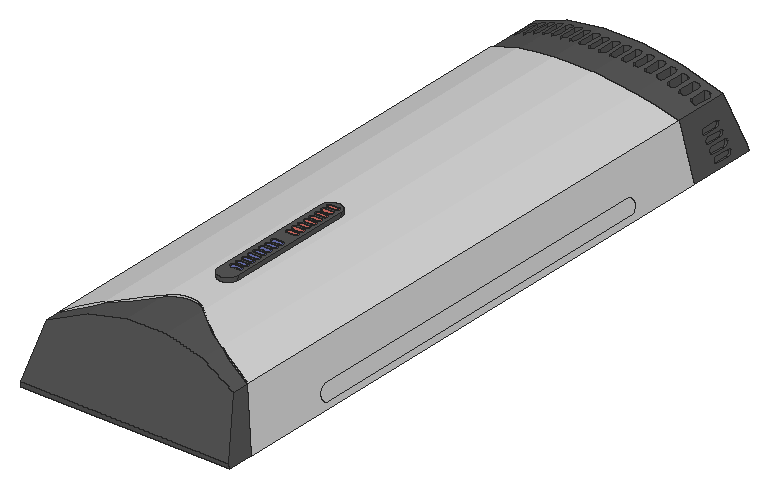
Revit family "Automatic_Hand_Dryer-Bobrick-Puredri-B-9100_Series", category Electrical Fixtures, host Face, Revit 2019
Family settings
  Host = Face
  Maintain Annotation Orientation = No
  Round Connector Dimension = Use Diameter
  Part Type = Normal
  OmniClass Number = 23.40.20.21.14
  OmniClass Title = Hand and Hair Dryers
  Cut with Voids When Loaded = No
  Shared = Yes
  Room Calculation Point = No
Parameters (values of type "B-9100")
  Width = 10 1/2"
  Warranty Information = "5-Year Limited Warranty"
  Voltage Power = if([115 Volt Models], 115 V, 240 V)  # 240 V
  Voltage = if([115 Volt Models], "115 Volts", "208-240 Volts")  # "208-240 Volts"
  Universal Voltage = "110V - 240V, 1.7AMP, 50/60Hz, 115 Volts, 0.2 kW."
  URL = "https://www.bobrick.com/"
  Type Comments = ""
  Sanitizing Time = "8 Second"
  Price = "Prices may vary. Please consult Manufacturer Representative for most up-to-date price list."  # constant formula
  Motor Power = "24 Vdc"
  Motor Operation = "40,000 RPM"
  Model = "B-9100"
  Material = "Stainless Steel-Bobrick-Satin Finish"
  Manufacturer = "Bobrick"
  Length = 4"
  Installation Type = "Wall Mounted"
  Height = 32 1/4"
  Finish = Stainless_Steel-Bobrick-Type_304-Satin_Finish
  Energy Consumption = "200 Watts"
  Dry Time = "12 Second"
  Description = "PureDri Automatic Hand Dryer and Air/Hand Sanitizer"
  Default Elevation = 40"
  Creation Date = "12/07/2021"  # constant formula
  Assembly Code = "C1030200"
  ADA Compliant = yes
  208-240 Volt Models = not([115 Volt Models])  # yes
  115 Volt Models = no
Reference planes (in)
  plane 1 "Center (Front/Back)": y = 0
  plane 2: z = 0
  plane 3 "Center (Left/Right)": x = 0
  plane 4: z = 4
  plane 5 "Mount Base": y = -16.125
  plane 6 "Floor": y = -56.125
  plane 7: x = 5.25
  plane 8: x = -5.25
  plane 9: x = 4.25
  plane 10: x = -4.25
  plane 11: y = -2.96706
  plane 12: y = -10.21479
  plane 13: y = -6.59093
  plane 14: y = 16.125
  plane 15: y = -9.375
  plane 16: y = 5.875
  plane 17: y = 7.98228
  plane 18: y = 11.73228
  plane 19: y = 12.9867
  plane 20: y = -15.125
  plane 21: y = -12.05915
  plane 22: x = 4.644
  plane 23: x = -4.644
  plane 24 "1": through (5.21875, 0, 0) normal (0.9789, 0, 0.2041)
Forms (in)
  Extrusion 1, solid, material "Stainless_Steel-Bobrick-Type_304-Satin_Finish" <- "Finish"
    sketch origin (0, 0, 0) x (1, 0, 0) y (0, 0, 1)
      loop
        arc (4.67169, 2.77658) -> (0, 4) -> (-4.67169, 2.77658) r 9.53125
        line (-4.67169, 2.77658) -> (-5.25067, 0) -> (5.25067, 0) -> (4.67169, 2.77658)
    from -13.33315 to 15.125
  Extrusion 2, void
    sketch origin (0, 0.12548, 0) x (0, 1, 0) y (0, 0, 1)
      loop
        line (15.99952, 0.25938) -> (15.99952, 0) -> (16.61756, 0) -> (16.61756, 4.30496) -> (14.55143, 4.30496) -> (15.99952, 0.25938)
      loop
        line (-16.25048, 0.22031) -> (-14.71389, 4.30496) -> (-16.81299, 4.30496) -> (-16.81299, 0) -> (-16.25048, 0) -> (-16.25048, 0.22031)
    from -5.25 to 5.25
  Extrusion 3, solid, material "Black"
    sketch origin (0, 0, 0) x (1, 0, 0) y (0, 0, 1)
      loop
        arc (4.644, 2.75629) -> (0, 3.96875) -> (-4.644, 2.75629) r 9.5
        line (-4.644, 2.75629) -> (-5.21875, 0) -> (5.21875, 0) -> (4.644, 2.75629)
    from -16.25 to 16.25
  Extrusion 4, solid, material "Stainless_Steel-Bobrick-Type_304-Satin_Finish" <- "Finish"
    sketch origin (-5.01592, 13.95682, 1.12578) x (0.204132, 0, 0.978943) y (0, 1, 0)
      loop
        arc (-0.07817, -5.16881) -> (-0.45317, -4.79381) -> (-0.82817, -5.16881) r 0.375
        line (-0.82817, -5.16881) -> (-0.82817, -23.93234)
        arc (-0.82817, -23.93234) -> (-0.45317, -24.30734) -> (-0.07817, -23.93234) r 0.375
        line (-0.07817, -23.93234) -> (-0.07817, -5.16881)
    from 0 to 0.03125
  Extrusion 5, void
    sketch origin (0, 0, 0) x (1, 0, 0) y (0, 1, 0)
      loop
        line (-5.25, -14.797) -> (-5.25, -15.125) -> (5.25, -15.125) -> (5.25, -14.797) -> (4.644, -14.28851)
        arc (4.644, -14.28851) -> (2.64618, -13.59749) -> (0.90217, -12.40282) r 7.92362
        arc (0.90217, -12.40282) -> (0, -12.05581) -> (-0.90217, -12.40282) r 1.34625
        arc (-0.90217, -12.40282) -> (-2.64618, -13.59749) -> (-4.644, -14.28851) r 7.92362
        line (-4.644, -14.28851) -> (-5.25, -14.797)
      loop
        arc (-6.81424, 13.33315) -> (-0.04185, 11.73221) -> (6.73055, 13.33315) r 15.12495
        line (6.73055, 13.33315) -> (-6.81424, 13.33315)
    from 0 to 4.08337
  Extrusion 6, solid, material "Black"
    sketch origin (0, 3.46875, 0) x (1, 0, 0) y (0, 1, 0)
      loop
        arc (-0.49882, -13.18473) -> (0, -13.68354) -> (0.49882, -13.18473) r 0.49882
        line (0.49882, -13.18473) -> (0.49882, -6.78392)
        arc (0.49882, -6.78392) -> (0, -6.28511) -> (-0.49882, -6.78392) r 0.49882
        line (-0.49882, -6.78392) -> (-0.49882, -13.18473)
    from 0 to 4.13299
  Extrusion 7, void
    sketch origin (0, -0.01563, 0) x (1, 0, 0) y (0, 1, 0)
      loop
        line (-0.42332, 14.06455) -> (-0.42332, 13.31455)
        arc (-0.42332, 13.31455) -> (-0.25827, 13.14949) -> (-0.09321, 13.31455) r 0.16506
        line (-0.09321, 13.31455) -> (-0.09321, 14.06455)
        arc (-0.09321, 14.06455) -> (-0.25827, 14.2296) -> (-0.42332, 14.06455) r 0.16506
      loop
        line (-0.93986, 14.11142) -> (-0.93986, 13.36142)
        arc (-0.93986, 13.36142) -> (-0.77481, 13.19636) -> (-0.60975, 13.36142) r 0.16506
        line (-0.60975, 13.36142) -> (-0.60975, 14.11142)
        arc (-0.60975, 14.11142) -> (-0.77481, 14.27648) -> (-0.93986, 14.11142) r 0.16506
      loop
        line (-1.45495, 14.18012) -> (-1.45495, 13.43012)
        arc (-1.45495, 13.43012) -> (-1.28989, 13.26506) -> (-1.12484, 13.43012) r 0.16506
        line (-1.12484, 13.43012) -> (-1.12484, 14.18012)
        arc (-1.12484, 14.18012) -> (-1.28989, 14.34517) -> (-1.45495, 14.18012) r 0.16506
      loop
        line (-1.96695, 14.2806) -> (-1.96695, 13.5306)
        arc (-1.96695, 13.5306) -> (-1.80189, 13.36554) -> (-1.63684, 13.5306) r 0.16506
        line (-1.63684, 13.5306) -> (-1.63684, 14.2806)
        arc (-1.63684, 14.2806) -> (-1.80189, 14.44565) -> (-1.96695, 14.2806) r 0.16506
      loop
        line (-2.48204, 14.34929) -> (-2.48204, 13.59929)
        arc (-2.48204, 13.59929) -> (-2.31698, 13.43423) -> (-2.15192, 13.59929) r 0.16506
        line (-2.15192, 13.59929) -> (-2.15192, 14.34929)
        arc (-2.15192, 14.34929) -> (-2.31698, 14.51435) -> (-2.48204, 14.34929) r 0.16506
      loop
        line (-2.99712, 14.41798) -> (-2.99712, 13.66798)
        arc (-2.99712, 13.66798) -> (-2.83207, 13.50293) -> (-2.66701, 13.66798) r 0.16506
        line (-2.66701, 13.66798) -> (-2.66701, 14.41798)
        arc (-2.66701, 14.41798) -> (-2.83207, 14.58304) -> (-2.99712, 14.41798) r 0.16506
      loop
        line (-3.51221, 14.48668) -> (-3.51221, 13.73668)
        arc (-3.51221, 13.73668) -> (-3.34716, 13.57162) -> (-3.1821, 13.73668) r 0.16506
        line (-3.1821, 13.73668) -> (-3.1821, 14.48668)
        arc (-3.1821, 14.48668) -> (-3.34716, 14.65174) -> (-3.51221, 14.48668) r 0.16506
      loop
        line (-4.0273, 14.55537) -> (-4.0273, 13.80537)
        arc (-4.0273, 13.80537) -> (-3.86225, 13.64032) -> (-3.69719, 13.80537) r 0.16506
        line (-3.69719, 13.80537) -> (-3.69719, 14.55537)
        arc (-3.69719, 14.55537) -> (-3.86225, 14.72043) -> (-4.0273, 14.55537) r 0.16506
      loop
        line (-4.54239, 14.62407) -> (-4.54239, 13.87407)
        arc (-4.54239, 13.87407) -> (-4.37733, 13.70901) -> (-4.21228, 13.87407) r 0.16506
        line (-4.21228, 13.87407) -> (-4.21228, 14.62407)
        arc (-4.21228, 14.62407) -> (-4.37733, 14.78912) -> (-4.54239, 14.62407) r 0.16506
      loop
        arc (0.93986, 14.11142) -> (0.77481, 14.27648) -> (0.60975, 14.11142) r 0.16506
        line (0.60975, 14.11142) -> (0.60975, 13.36142)
        arc (0.60975, 13.36142) -> (0.77481, 13.19636) -> (0.93986, 13.36142) r 0.16506
        line (0.93986, 13.36142) -> (0.93986, 14.11142)
      loop
        arc (1.45495, 14.18012) -> (1.28989, 14.34517) -> (1.12484, 14.18012) r 0.16506
        line (1.12484, 14.18012) -> (1.12484, 13.43012)
        arc (1.12484, 13.43012) -> (1.28989, 13.26506) -> (1.45495, 13.43012) r 0.16506
        line (1.45495, 13.43012) -> (1.45495, 14.18012)
      loop
        arc (1.96695, 14.2806) -> (1.80189, 14.44565) -> (1.63684, 14.2806) r 0.16506
        line (1.63684, 14.2806) -> (1.63684, 13.5306)
        arc (1.63684, 13.5306) -> (1.80189, 13.36554) -> (1.96695, 13.5306) r 0.16506
        line (1.96695, 13.5306) -> (1.96695, 14.2806)
      loop
        arc (2.48204, 14.34929) -> (2.31698, 14.51435) -> (2.15192, 14.34929) r 0.16506
        line (2.15192, 14.34929) -> (2.15192, 13.59929)
        arc (2.15192, 13.59929) -> (2.31698, 13.43423) -> (2.48204, 13.59929) r 0.16506
        line (2.48204, 13.59929) -> (2.48204, 14.34929)
      loop
        arc (2.99712, 14.41798) -> (2.83207, 14.58304) -> (2.66701, 14.41798) r 0.16506
        line (2.66701, 14.41798) -> (2.66701, 13.66798)
        arc (2.66701, 13.66798) -> (2.83207, 13.50293) -> (2.99712, 13.66798) r 0.16506
        line (2.99712, 13.66798) -> (2.99712, 14.41798)
      loop
        arc (3.51221, 14.48668) -> (3.34716, 14.65174) -> (3.1821, 14.48668) r 0.16506
        line (3.1821, 14.48668) -> (3.1821, 13.73668)
        arc (3.1821, 13.73668) -> (3.34716, 13.57162) -> (3.51221, 13.73668) r 0.16506
        line (3.51221, 13.73668) -> (3.51221, 14.48668)
      loop
        arc (4.0273, 14.55537) -> (3.86225, 14.72043) -> (3.69719, 14.55537) r 0.16506
        line (3.69719, 14.55537) -> (3.69719, 13.80537)
        arc (3.69719, 13.80537) -> (3.86225, 13.64032) -> (4.0273, 13.80537) r 0.16506
        line (4.0273, 13.80537) -> (4.0273, 14.55537)
      loop
        arc (4.54239, 14.62407) -> (4.37733, 14.78912) -> (4.21228, 14.62407) r 0.16506
        line (4.21228, 14.62407) -> (4.21228, 13.87407)
        arc (4.21228, 13.87407) -> (4.37733, 13.70901) -> (4.54239, 13.87407) r 0.16506
        line (4.54239, 13.87407) -> (4.54239, 14.62407)
      loop
        arc (0.42332, 14.06455) -> (0.25827, 14.2296) -> (0.09321, 14.06455) r 0.16506
        line (0.09321, 14.06455) -> (0.09321, 13.31455)
        arc (0.09321, 13.31455) -> (0.25827, 13.14949) -> (0.42332, 13.31455) r 0.16506
        line (0.42332, 13.31455) -> (0.42332, 14.06455)
    from 2.48902 to 4.30496
  Extrusion 8, solid
    sketch origin (0, 0, 0) x (1, 0, 0) y (0, 1, 0)
      loop
        circle (4.25, -12.99911) r 0.37402
    from 0 to 0.03125
  Extrusion 9, void
    sketch origin (0, 0, 0) x (1, 0, 0) y (0, 1, 0)
      loop
        arc (0.49882, -3.31517) -> (0, -2.81636) -> (-0.49882, -3.31517) r 0.49882
        line (-0.49882, -3.31517) -> (-0.49882, -9.71598)
        arc (-0.49882, -9.71598) -> (0, -10.21479) -> (0.49882, -9.71598) r 0.49882
        line (0.49882, -9.71598) -> (0.49882, -3.31517)
    from 0 to 4
  Extrusion 10, solid, material "Stainless_Steel-Bobrick-Type_304-Satin_Finish" <- "Finish"
    sketch origin (5.15982, -0.07129, 0.43571) x (0.204132, 0, -0.978943) y (0, 1, 0)
      loop
        line (-0.62781, 8.85728) -> (-0.62781, -9.90625)
        arc (-0.62781, -9.90625) -> (-0.25281, -10.28125) -> (0.12219, -9.90625) r 0.375
        line (0.12219, -9.90625) -> (0.12219, 8.85728)
        arc (0.12219, 8.85728) -> (-0.25281, 9.23228) -> (-0.62781, 8.85728) r 0.375
    from 0 to 0.03125
  Extrusion 11, void
    sketch origin (0, -0.14377, 0) x (1, 0, 0) y (0, 1, 0)
      loop
        arc (-0.18309, -2.928) -> (-0.29247, -3.03737) -> (-0.18309, -3.14675) r 0.10938
        line (-0.18309, -3.14675) -> (0.18309, -3.14675)
        arc (0.18309, -3.14675) -> (0.29247, -3.03737) -> (0.18309, -2.928) r 0.10938
        line (0.18309, -2.928) -> (-0.18309, -2.928)
      loop
        arc (-0.18309, -3.29075) -> (-0.29247, -3.40013) -> (-0.18309, -3.5095) r 0.10938
        line (-0.18309, -3.5095) -> (0.18309, -3.5095)
        arc (0.18309, -3.5095) -> (0.29247, -3.40013) -> (0.18309, -3.29075) r 0.10938
        line (0.18309, -3.29075) -> (-0.18309, -3.29075)
      loop
        arc (-0.18309, -3.65351) -> (-0.29247, -3.76289) -> (-0.18309, -3.87226) r 0.10938
        line (-0.18309, -3.87226) -> (0.18309, -3.87226)
        arc (0.18309, -3.87226) -> (0.29247, -3.76289) -> (0.18309, -3.65351) r 0.10938
        line (0.18309, -3.65351) -> (-0.18309, -3.65351)
      loop
        arc (-0.18309, -4.01627) -> (-0.29247, -4.12565) -> (-0.18309, -4.23502) r 0.10938
        line (-0.18309, -4.23502) -> (0.18309, -4.23502)
        arc (0.18309, -4.23502) -> (0.29247, -4.12565) -> (0.18309, -4.01627) r 0.10938
        line (0.18309, -4.01627) -> (-0.18309, -4.01627)
      loop
        arc (-0.18309, -4.37903) -> (-0.29247, -4.4884) -> (-0.18309, -4.59778) r 0.10938
        line (-0.18309, -4.59778) -> (0.18309, -4.59778)
        arc (0.18309, -4.59778) -> (0.29247, -4.4884) -> (0.18309, -4.37903) r 0.10938
        line (0.18309, -4.37903) -> (-0.18309, -4.37903)
      loop
        arc (-0.18309, -4.74179) -> (-0.29247, -4.85116) -> (-0.18309, -4.96054) r 0.10938
        line (-0.18309, -4.96054) -> (0.18309, -4.96054)
        arc (0.18309, -4.96054) -> (0.29247, -4.85116) -> (0.18309, -4.74179) r 0.10938
        line (0.18309, -4.74179) -> (-0.18309, -4.74179)
      loop
        arc (-0.18309, -5.10455) -> (-0.29247, -5.21392) -> (-0.18309, -5.3233) r 0.10938
        line (-0.18309, -5.3233) -> (0.18309, -5.3233)
        arc (0.18309, -5.3233) -> (0.29247, -5.21392) -> (0.18309, -5.10455) r 0.10938
        line (0.18309, -5.10455) -> (-0.18309, -5.10455)
      loop
        arc (-0.18309, -5.4673) -> (-0.29247, -5.57668) -> (-0.18309, -5.68605) r 0.10938
        line (-0.18309, -5.68605) -> (0.18309, -5.68605)
        arc (0.18309, -5.68605) -> (0.29247, -5.57668) -> (0.18309, -5.4673) r 0.10938
        line (0.18309, -5.4673) -> (-0.18309, -5.4673)
      loop
        arc (-0.18309, -6.40819) -> (-0.29247, -6.51756) -> (-0.18309, -6.62694) r 0.10938
        line (-0.18309, -6.62694) -> (0.18309, -6.62694)
        arc (0.18309, -6.62694) -> (0.29247, -6.51756) -> (0.18309, -6.40819) r 0.10938
        line (0.18309, -6.40819) -> (-0.18309, -6.40819)
      loop
        arc (-0.18309, -6.77095) -> (-0.29247, -6.88032) -> (-0.18309, -6.9897) r 0.10938
        line (-0.18309, -6.9897) -> (0.18309, -6.9897)
        arc (0.18309, -6.9897) -> (0.29247, -6.88032) -> (0.18309, -6.77095) r 0.10938
        line (0.18309, -6.77095) -> (-0.18309, -6.77095)
      loop
        arc (-0.18309, -7.1337) -> (-0.29247, -7.24308) -> (-0.18309, -7.35245) r 0.10938
        line (-0.18309, -7.35245) -> (0.18309, -7.35245)
        arc (0.18309, -7.35245) -> (0.29247, -7.24308) -> (0.18309, -7.1337) r 0.10938
        line (0.18309, -7.1337) -> (-0.18309, -7.1337)
      loop
        arc (-0.18309, -7.49646) -> (-0.29247, -7.60584) -> (-0.18309, -7.71521) r 0.10938
        line (-0.18309, -7.71521) -> (0.18309, -7.71521)
        arc (0.18309, -7.71521) -> (0.29247, -7.60584) -> (0.18309, -7.49646) r 0.10938
        line (0.18309, -7.49646) -> (-0.18309, -7.49646)
      loop
        arc (-0.18309, -7.85922) -> (-0.29247, -7.96859) -> (-0.18309, -8.07797) r 0.10938
        line (-0.18309, -8.07797) -> (0.18309, -8.07797)
        arc (0.18309, -8.07797) -> (0.29247, -7.96859) -> (0.18309, -7.85922) r 0.10938
        line (0.18309, -7.85922) -> (-0.18309, -7.85922)
      loop
        arc (-0.18309, -8.22198) -> (-0.29247, -8.33135) -> (-0.18309, -8.44073) r 0.10938
        line (-0.18309, -8.44073) -> (0.18309, -8.44073)
        arc (0.18309, -8.44073) -> (0.29247, -8.33135) -> (0.18309, -8.22198) r 0.10938
        line (0.18309, -8.22198) -> (-0.18309, -8.22198)
      loop
        arc (-0.18309, -8.58474) -> (-0.29247, -8.69411) -> (-0.18309, -8.80349) r 0.10938
        line (-0.18309, -8.80349) -> (0.18309, -8.80349)
        arc (0.18309, -8.80349) -> (0.29247, -8.69411) -> (0.18309, -8.58474) r 0.10938
        line (0.18309, -8.58474) -> (-0.18309, -8.58474)
      loop
        arc (-0.18309, -8.94749) -> (-0.29247, -9.05687) -> (-0.18309, -9.16624) r 0.10938
        line (-0.18309, -9.16624) -> (0.18309, -9.16624)
        arc (0.18309, -9.16624) -> (0.29247, -9.05687) -> (0.18309, -8.94749) r 0.10938
        line (0.18309, -8.94749) -> (-0.18309, -8.94749)
    from 0 to 4.74723
  Extrusion 12, solid, material "Blue"
    sketch origin (0, -0.14377, 0) x (1, 0, 0) y (0, 1, 0)
      loop
        line (0.18309, -6.40819) -> (-0.18309, -6.40819)
        arc (-0.18309, -6.40819) -> (-0.29247, -6.51756) -> (-0.18309, -6.62694) r 0.10938
        line (-0.18309, -6.62694) -> (0.18309, -6.62694)
        arc (0.18309, -6.62694) -> (0.29247, -6.51756) -> (0.18309, -6.40819) r 0.10938
      loop
        arc (-0.18309, -8.94749) -> (-0.29247, -9.05687) -> (-0.18309, -9.16624) r 0.10938
        line (-0.18309, -9.16624) -> (0.18309, -9.16624)
        arc (0.18309, -9.16624) -> (0.29247, -9.05687) -> (0.18309, -8.94749) r 0.10938
        line (0.18309, -8.94749) -> (-0.18309, -8.94749)
      loop
        arc (0.18309, -8.80349) -> (0.29247, -8.69411) -> (0.18309, -8.58474) r 0.10938
        line (0.18309, -8.58474) -> (-0.18309, -8.58474)
        arc (-0.18309, -8.58474) -> (-0.29247, -8.69411) -> (-0.18309, -8.80349) r 0.10938
        line (-0.18309, -8.80349) -> (0.18309, -8.80349)
      loop
        arc (0.18309, -8.44073) -> (0.29247, -8.33135) -> (0.18309, -8.22198) r 0.10938
        line (0.18309, -8.22198) -> (-0.18309, -8.22198)
        arc (-0.18309, -8.22198) -> (-0.29247, -8.33135) -> (-0.18309, -8.44073) r 0.10938
        line (-0.18309, -8.44073) -> (0.18309, -8.44073)
      loop
        line (-0.18309, -8.07797) -> (0.18309, -8.07797)
        arc (0.18309, -8.07797) -> (0.29247, -7.96859) -> (0.18309, -7.85922) r 0.10938
        line (0.18309, -7.85922) -> (-0.18309, -7.85922)
        arc (-0.18309, -7.85922) -> (-0.29247, -7.96859) -> (-0.18309, -8.07797) r 0.10938
      loop
        line (-0.18309, -7.71521) -> (0.18309, -7.71521)
        arc (0.18309, -7.71521) -> (0.29247, -7.60584) -> (0.18309, -7.49646) r 0.10938
        line (0.18309, -7.49646) -> (-0.18309, -7.49646)
        arc (-0.18309, -7.49646) -> (-0.29247, -7.60584) -> (-0.18309, -7.71521) r 0.10938
      loop
        line (-0.18309, -7.35245) -> (0.18309, -7.35245)
        arc (0.18309, -7.35245) -> (0.29247, -7.24308) -> (0.18309, -7.1337) r 0.10938
        line (0.18309, -7.1337) -> (-0.18309, -7.1337)
        arc (-0.18309, -7.1337) -> (-0.29247, -7.24308) -> (-0.18309, -7.35245) r 0.10938
      loop
        arc (-0.18309, -6.77095) -> (-0.29247, -6.88032) -> (-0.18309, -6.9897) r 0.10938
        line (-0.18309, -6.9897) -> (0.18309, -6.9897)
        arc (0.18309, -6.9897) -> (0.29247, -6.88032) -> (0.18309, -6.77095) r 0.10938
        line (0.18309, -6.77095) -> (-0.18309, -6.77095)
    from 3.98694 to 4.13299
  Extrusion 13, solid, material "Red"
    sketch origin (0, -12.76312, 0) x (1, 0, 0) y (0, 1, 0)
      loop
        arc (-0.18309, 7.15205) -> (-0.29247, 7.04267) -> (-0.18309, 6.9333) r 0.10938
        line (-0.18309, 6.9333) -> (0.18309, 6.9333)
        arc (0.18309, 6.9333) -> (0.29247, 7.04267) -> (0.18309, 7.15205) r 0.10938
        line (0.18309, 7.15205) -> (-0.18309, 7.15205)
      loop
        arc (-0.18309, 7.51481) -> (-0.29247, 7.40543) -> (-0.18309, 7.29606) r 0.10938
        line (-0.18309, 7.29606) -> (0.18309, 7.29606)
        arc (0.18309, 7.29606) -> (0.29247, 7.40543) -> (0.18309, 7.51481) r 0.10938
        line (0.18309, 7.51481) -> (-0.18309, 7.51481)
      loop
        arc (0.18309, 7.65882) -> (0.29247, 7.76819) -> (0.18309, 7.87757) r 0.10938
        line (0.18309, 7.87757) -> (-0.18309, 7.87757)
        arc (-0.18309, 7.87757) -> (-0.29247, 7.76819) -> (-0.18309, 7.65882) r 0.10938
        line (-0.18309, 7.65882) -> (0.18309, 7.65882)
      loop
        line (-0.18309, 8.02157) -> (0.18309, 8.02157)
        arc (0.18309, 8.02157) -> (0.29247, 8.13095) -> (0.18309, 8.24032) r 0.10938
        line (0.18309, 8.24032) -> (-0.18309, 8.24032)
        arc (-0.18309, 8.24032) -> (-0.29247, 8.13095) -> (-0.18309, 8.02157) r 0.10938
      loop
        line (-0.18309, 8.38433) -> (0.18309, 8.38433)
        arc (0.18309, 8.38433) -> (0.29247, 8.49371) -> (0.18309, 8.60308) r 0.10938
        line (0.18309, 8.60308) -> (-0.18309, 8.60308)
        arc (-0.18309, 8.60308) -> (-0.29247, 8.49371) -> (-0.18309, 8.38433) r 0.10938
      loop
        line (-0.18309, 8.74709) -> (0.18309, 8.74709)
        arc (0.18309, 8.74709) -> (0.29247, 8.85647) -> (0.18309, 8.96584) r 0.10938
        line (0.18309, 8.96584) -> (-0.18309, 8.96584)
        arc (-0.18309, 8.96584) -> (-0.29247, 8.85647) -> (-0.18309, 8.74709) r 0.10938
      loop
        line (-0.18309, 9.10985) -> (0.18309, 9.10985)
        arc (0.18309, 9.10985) -> (0.29247, 9.21922) -> (0.18309, 9.3286) r 0.10938
        line (0.18309, 9.3286) -> (-0.18309, 9.3286)
        arc (-0.18309, 9.3286) -> (-0.29247, 9.21922) -> (-0.18309, 9.10985) r 0.10938
      loop
        arc (0.18309, 9.47261) -> (0.29247, 9.58198) -> (0.18309, 9.69136) r 0.10938
        line (0.18309, 9.69136) -> (-0.18309, 9.69136)
        arc (-0.18309, 9.69136) -> (-0.29247, 9.58198) -> (-0.18309, 9.47261) r 0.10938
        line (-0.18309, 9.47261) -> (0.18309, 9.47261)
    from 3.98694 to 4.13299
  Extrusion 14, void
    sketch origin (-3.98781, 10.67269, 6.95218) x (0.204132, 0, 0.978943) y (0, -1, 0)
      loop
        arc (-6.80853, -4.31722) -> (-6.64252, -4.48324) -> (-6.4765, -4.31722) r 0.16602
        line (-6.4765, -4.31722) -> (-6.4765, -3.56722)
        arc (-6.4765, -3.56722) -> (-6.64252, -3.40121) -> (-6.80853, -3.56722) r 0.16602
        line (-6.80853, -3.56722) -> (-6.80853, -4.31722)
      loop
        arc (-6.36843, -4.19222) -> (-6.17508, -4.38558) -> (-5.98172, -4.19222) r 0.19336
        line (-5.98172, -4.19222) -> (-5.98172, -3.44222)
        arc (-5.98172, -3.44222) -> (-6.17508, -3.24886) -> (-6.36843, -3.44222) r 0.19336
        line (-6.36843, -3.44222) -> (-6.36843, -4.19222)
      loop
        arc (-5.87683, -4.04487) -> (-5.71081, -4.21088) -> (-5.5448, -4.04487) r 0.16602
        line (-5.5448, -4.04487) -> (-5.5448, -3.29487)
        arc (-5.5448, -3.29487) -> (-5.71081, -3.12885) -> (-5.87683, -3.29487) r 0.16602
        line (-5.87683, -3.29487) -> (-5.87683, -4.04487)
      loop
        arc (-5.43673, -3.92768) -> (-5.27071, -4.0937) -> (-5.1047, -3.92768) r 0.16602
        line (-5.1047, -3.92768) -> (-5.1047, -3.17768)
        arc (-5.1047, -3.17768) -> (-5.27071, -3.01167) -> (-5.43673, -3.17768) r 0.16602
        line (-5.43673, -3.17768) -> (-5.43673, -3.92768)
    from -0.79283 to 0.38265
  Extrusion 15, void
    sketch origin (3.98781, 10.6805, 6.95218) x (-0.204132, 0, 0.978943) y (0, 1, 0)
      loop
        line (-6.80853, 4.3016) -> (-6.80853, 3.5516)
        arc (-6.80853, 3.5516) -> (-6.64252, 3.38558) -> (-6.4765, 3.5516) r 0.16602
        line (-6.4765, 3.5516) -> (-6.4765, 4.3016)
        arc (-6.4765, 4.3016) -> (-6.64252, 4.46761) -> (-6.80853, 4.3016) r 0.16602
      loop
        line (-6.36843, 4.1766) -> (-6.36843, 3.4266)
        arc (-6.36843, 3.4266) -> (-6.17508, 3.23324) -> (-5.98172, 3.4266) r 0.19336
        line (-5.98172, 3.4266) -> (-5.98172, 4.1766)
        arc (-5.98172, 4.1766) -> (-6.17508, 4.36996) -> (-6.36843, 4.1766) r 0.19336
      loop
        line (-5.87683, 4.02924) -> (-5.87683, 3.27924)
        arc (-5.87683, 3.27924) -> (-5.71081, 3.11323) -> (-5.5448, 3.27924) r 0.16602
        line (-5.5448, 3.27924) -> (-5.5448, 4.02924)
        arc (-5.5448, 4.02924) -> (-5.71081, 4.19526) -> (-5.87683, 4.02924) r 0.16602
      loop
        line (-5.43673, 3.91206) -> (-5.43673, 3.16206)
        arc (-5.43673, 3.16206) -> (-5.27071, 2.99604) -> (-5.1047, 3.16206) r 0.16602
        line (-5.1047, 3.16206) -> (-5.1047, 3.91206)
        arc (-5.1047, 3.91206) -> (-5.27071, 4.07807) -> (-5.43673, 3.91206) r 0.16602
    from -0.79283 to 0.38265
Cuts and joins
  Extrusion 5, Extrusion 9 cuts Extrusion 1
  Extrusion 11 cuts Extrusion 6
  Extrusion 2, Extrusion 7, Extrusion 14, Extrusion 15 cuts Extrusion 3
Lines and regions (in)
  Masking region 1
    outline origin (0, 0, 0) x (1, 0, 0) y (0, 0, 1)
      loop
        line (5.25067, 0) -> (5.18476, 0.3161) -> (5.21535, 0.32248) -> (5.06225, 1.05669) -> (5.03166, 1.05031) -> (4.67169, 2.77658)
        arc (4.67169, 2.77658) -> (2.65514, 3.62271) -> (0.49882, 3.98694) r 9.53125
        line (0.49882, 3.98694) -> (0.49882, 4.13299) -> (-0.49882, 4.13299) -> (-0.49882, 3.98694)
        arc (-0.49882, 3.98694) -> (-2.65514, 3.62271) -> (-4.67169, 2.77658) r 9.53125
        line (-4.67169, 2.77658) -> (-5.03188, 1.04926) -> (-5.06247, 1.05564) -> (-5.21557, 0.32143) -> (-5.18498, 0.31505) -> (-5.25067, 0) -> (5.25067, 0)
  symbolic lines, detail levels medium+fine
    curve 1: line (5.19659, 0, 0.25938) -> (5.03112, 0, 1.05289)
    curve 2: arc (0.49881, 0, 3.98694) -> (-0.00119, 0, 4) -> (-0.50119, 0, 3.98694) r 9.57614
    curve 3: line (-5.03188, 0, 1.04926) -> (-5.18498, 0, 0.31505)
    curve 4: line (5.21875, 0, 0) -> (4.644, 0, 2.75629)
    curve 5: arc (4.644, 0, 2.75629) -> (0.00001, 0, 3.96876) -> (-4.64397, 0, 2.75629) r 9.49985
    curve 6: line (-4.64397, 0, 2.75629) -> (-5.21814, 0, 0.0028)
Dimensions and locks (in)
  "Default Elevation": plane 6 "Floor" to plane 5 "Mount Base"
  equal spacing: plane 5 "Mount Base", plane 1 "Center (Front/Back)", plane 14
  equal spacing: Extrusion 6 sketch curve, plane 3 "Center (Left/Right)", Extrusion 6 sketch curve
  Extrusion 6 sketch curve to Extrusion 6 sketch curve = 0.99763"
  "Width": plane 8 to plane 7
  plane 4 to host face = 4"
  plane 16 to plane 15 to plane 5 "Mount Base" = 15 1/4", 6 3/4"
  plane 5 "Mount Base" to plane 14 = 32 1/4"
  plane 8 to plane 7 = 10 1/2"
  plane 10 to plane 3 "Center (Left/Right)" to plane 9 = 4 1/4", 4 1/4"
  plane 22 to plane 7 = 0.606"
  aligned and locked: plane 2 to host face
  aligned and locked: level to host face
Automatic sketch dimensions
  host sketch curve to host sketch curve = 96"
  host sketch curve to host sketch curve = 104 1/4"
  Extrusion 1 sketch curve to level = 0"
  Extrusion 1 sketch curve to plane 3 "Center (Left/Right)" = 0"
  Extrusion 1 sketch curve to plane 23 = 0.02769"
  plane 8 to Extrusion 1 sketch curve = 0.00067"
  Extrusion 1 sketch curve to plane 22 = 0.02769"
  plane 7 to Extrusion 1 sketch curve = 0.00067"
  Extrusion 1 sketch curve to level = 5 17/32"
  plane 4 to Extrusion 1 sketch curve = 1.22342"
  Extrusion 3 sketch curve to level = 0"
  Extrusion 3 sketch curve to plane 23 = 0"
  Extrusion 3 sketch curve to plane 3 "Center (Left/Right)" = 0"
  plane 22 to Extrusion 3 sketch curve = 0"
  Extrusion 3 sketch curve to plane 24 "1" = 0"  (x2)
  Extrusion 3 sketch curve to level = 5 17/32"
  Extrusion 1 to Extrusion 4 sketch curve = 0.32183"
  Extrusion 4 sketch curve to Extrusion 4 sketch curve = 3/8"
  Extrusion 1 to Extrusion 4 sketch curve = 5.14949"
  Extrusion 1 to Extrusion 4 sketch curve = 4.54514"
  Extrusion 6 sketch curve to plane 15 = 0.34098"
  plane 11 to Extrusion 6 sketch curve = 0.34812"
  plane 23 to Extrusion 7 sketch curve = 0.10161"
  plane 10 to Extrusion 7 sketch curve = 0.12733"
  Extrusion 7 sketch curve to Extrusion 7 sketch curve = 0.18498"  (x11)
  Extrusion 7 sketch curve to Extrusion 7 sketch curve = 0.16506"  (x16)
  Extrusion 7 sketch curve to Extrusion 7 sketch curve = 0.18189"  (x2)
  Extrusion 7 sketch curve to Extrusion 7 sketch curve = 0.18642"  (x2)
  plane 3 "Center (Left/Right)" to Extrusion 7 sketch curve = 0.09321"
  Extrusion 7 sketch curve to plane 9 = 0.03772"
  plane 9 to Extrusion 7 sketch curve = 0.12733"
  Extrusion 7 sketch curve to plane 19 = 0.31222"  (x2)
  Extrusion 7 sketch curve to plane 19 = 0.3591"
  Extrusion 7 sketch curve to Extrusion 7 sketch curve = 3/64"  (x3)
  Extrusion 7 sketch curve to plane 19 = 0.42779"  (x2)
  Extrusion 7 sketch curve to Extrusion 7 sketch curve = 0.10048"  (x4)
  Extrusion 7 sketch curve to Extrusion 7 sketch curve = 0.06869"  (x22)
  Extrusion 7 sketch curve to Extrusion 7 sketch curve = 45/64"
  Extrusion 7 sketch curve to Extrusion 7 sketch curve = 0"
  Extrusion 8 sketch curve to plane 9 = 0"
  Extrusion 8 sketch curve to plane 5 "Mount Base" = 3.12589"
  Extrusion 9 sketch curve to plane 3 "Center (Left/Right)" = 0"
  Extrusion 9 sketch curve to plane 3 "Center (Left/Right)" = 0.49882"
  Extrusion 9 sketch curve to plane 15 = 0.34098"
  plane 1 "Center (Front/Back)" to Extrusion 9 sketch curve = 3.31517"
  Extrusion 1 to Extrusion 10 sketch curve = 1.0729"
  Extrusion 10 sketch curve to Extrusion 10 sketch curve = 3/8"
  Extrusion 1 to Extrusion 10 sketch curve = 5.14746"
  Extrusion 1 to Extrusion 10 sketch curve = 4.54716"
  Extrusion 11 sketch curve to plane 3 "Center (Left/Right)" = 0.18309"  (x9)
  Extrusion 11 sketch curve to Extrusion 11 sketch curve = 0"  (x14)
  plane 3 "Center (Left/Right)" to Extrusion 11 sketch curve = 0.18309"  (x9)
  plane 15 to Extrusion 11 sketch curve = 0.06499"
  Extrusion 11 sketch curve to Extrusion 11 sketch curve = 7/64"  (x16)
  Extrusion 11 sketch curve to Extrusion 11 sketch curve = 0.14401"  (x14)
  Extrusion 11 sketch curve to Extrusion 11 sketch curve = 0.72213"
  Extrusion 12 sketch curve to plane 3 "Center (Left/Right)" = 0.18309"  (x4)
  Extrusion 12 sketch curve to Extrusion 12 sketch curve = 0"  (x8)
  plane 3 "Center (Left/Right)" to Extrusion 12 sketch curve = 0.18309"  (x4)
  plane 15 to Extrusion 12 sketch curve = 0.06499"
  Extrusion 12 sketch curve to Extrusion 12 sketch curve = 7/64"  (x8)
  Extrusion 12 sketch curve to Extrusion 12 sketch curve = 0.14401"  (x7)
  plane 3 "Center (Left/Right)" to Extrusion 13 sketch curve = 0.18309"  (x4)
  Extrusion 13 sketch curve to Extrusion 13 sketch curve = 0"  (x6)
  Extrusion 13 sketch curve to plane 3 "Center (Left/Right)" = 0.18309"  (x6)
  Extrusion 13 sketch curve to plane 1 "Center (Front/Back)" = 3.07176"
  Extrusion 13 sketch curve to Extrusion 13 sketch curve = 7/64"  (x8)
  Extrusion 13 sketch curve to Extrusion 13 sketch curve = 0.14401"  (x7)
  Extrusion 14 sketch curve to plane 14 = 1.13509"
  Extrusion 14 sketch curve to Extrusion 14 sketch curve = 0.16602"  (x3)
  Extrusion 14 sketch curve to Extrusion 14 sketch curve = 0.10807"  (x2)
  Extrusion 14 sketch curve to Extrusion 14 sketch curve = 0.19336"
  Extrusion 14 sketch curve to Extrusion 14 sketch curve = 0.10489"
  Extrusion 14 sketch curve to Extrusion 14 sketch curve = 1/8"  (x2)
  Extrusion 14 sketch curve to Extrusion 14 sketch curve = 0.14735"  (x2)
  Extrusion 14 sketch curve to Extrusion 14 sketch curve = 15/128"  (x2)
  Extrusion 14 sketch curve to Extrusion 14 sketch curve = 3/4"
  Extrusion 15 sketch curve to plane 14 = 1.1429"
  Extrusion 15 sketch curve to Extrusion 15 sketch curve = 0.16602"  (x3)
  Extrusion 15 sketch curve to Extrusion 15 sketch curve = 0.10807"  (x2)
  Extrusion 15 sketch curve to Extrusion 15 sketch curve = 0.19336"
  Extrusion 15 sketch curve to Extrusion 15 sketch curve = 0.10489"
  Extrusion 15 sketch curve to Extrusion 15 sketch curve = 1/8"  (x2)
  Extrusion 15 sketch curve to Extrusion 15 sketch curve = 0.14735"  (x2)
  Extrusion 15 sketch curve to Extrusion 15 sketch curve = 15/128"  (x2)
  Extrusion 15 sketch curve to Extrusion 15 sketch curve = 5/8"
  plane 22 to curve 5 = 0"
  curve 4 to level = 0"
  curve 5 to plane 24 "1" = 0"
  plane 3 "Center (Left/Right)" to curve 5 = 0"
  curve 2 to plane 3 "Center (Left/Right)" = 0.00119"
  plane 23 to curve 6 = 0.00003"
  curve 5 to level = 5.53109"
  curve 2 to curve 5 = 0.04505"
  plane 4 to curve 2 = 0.01306"  (x2)
  plane 3 "Center (Left/Right)" to curve 2 = 0.49881"
  level to curve 6 = 0.0028"
  curve 3 to curve 3 = 0.73421"
  curve 1 to curve 1 = 0.79352"
  Masking region 1 sketch curve to Masking region 1 sketch curve = 0"  (x2)
  Masking region 1 sketch curve to plane 3 "Center (Left/Right)" = 0"
  Masking region 1 sketch curve to plane 4 = 0.13299"
  Masking region 1 sketch curve to plane 3 "Center (Left/Right)" = 0.49882"
  Masking region 1 sketch curve to plane 23 = 0.02769"
  plane 3 "Center (Left/Right)" to Masking region 1 sketch curve = 0.49882"
  Masking region 1 sketch curve to plane 22 = 0.02769"
  Masking region 1 sketch curve to Masking region 1 sketch curve = 0.03059"  (x2)
  Masking region 1 sketch curve to level = 5 17/32"
  level to Masking region 1 sketch curve = 0.3161"
  Masking region 1 sketch curve to Masking region 1 sketch curve = 0.00638"  (x3)
  plane 8 to Masking region 1 sketch curve = 0.00067"
  Masking region 1 sketch curve to level = 0"
  Extrusion 2 sketch curve to level = 0"  (x2)
  Extrusion 2 sketch curve to plane 5 "Mount Base" = 0"
  Extrusion 2 sketch curve to plane 14 = 0"
  Extrusion 2 sketch curve to Extrusion 2 sketch curve = 9/16"
  Extrusion 2 sketch curve to plane 4 = 0.30496"  (x2)
  Extrusion 2 sketch curve to plane 5 "Mount Base" = 1.5366"
  Extrusion 2 sketch curve to plane 14 = 1.44809"
  plane 14 to Extrusion 2 sketch curve = 0.61805"
  level to Extrusion 2 sketch curve = 0.22031"
  Extrusion 2 sketch curve to Extrusion 2 sketch curve = 0.25938"
  curve 4 to plane 24 "1" = 0"
  curve 1 to plane 7 = 0.21888"
  Masking region 1 sketch curve to plane 7 = 0.21834"
  Masking region 1 sketch curve to plane 7 = 0.06524"
  curve 3 to plane 8 = 0.21812"
  Extrusion 3 sketch curve to plane 8 = 1/32"
  Masking region 1 sketch curve to plane 8 = 0.03443"
  level to Masking region 1 sketch curve = 0.31505"
  Masking region 1 sketch curve to plane 8 = 0.18753"
  Extrusion 5 sketch curve to plane 8 = 0"
  Extrusion 5 sketch curve to plane 23 = 0"
  Extrusion 5 sketch curve to plane 3 "Center (Left/Right)" = 0"
  Extrusion 5 sketch curve to plane 22 = 0"
  plane 7 to Extrusion 5 sketch curve = 1.48055"
  Extrusion 5 sketch curve to plane 7 = 0"
  Extrusion 5 sketch curve to plane 20 = 0"
  plane 8 to Extrusion 5 sketch curve = 0.96206"
  Extrusion 5 sketch curve to plane 3 "Center (Left/Right)" = 0.04185"
  plane 7 to Extrusion 5 sketch curve = 0.96206"
  plane 20 to Extrusion 5 sketch curve = 0.328"  (x2)
  Extrusion 5 sketch curve to Extrusion 5 sketch curve = 0.50849"  (x2)
  Extrusion 5 sketch curve to plane 21 = 1.34291"
  plane 15 to Extrusion 5 sketch curve = 2.8534"  (x2)
  Extrusion 5 sketch curve to Extrusion 5 sketch curve = 0"
  plane 14 to Extrusion 5 sketch curve = 10.73217"
  Extrusion 5 sketch curve to plane 19 = 0.34646"
  curve 3 to plane 8 = 0.06502"
  curve 6 to plane 8 = 0.03186"
  curve 1 to plane 7 = 0.05341"
  level to curve 1 = 0.25938"
  curve 6 to curve 3 = 0.31226"
  radius of Extrusion 8 sketch curve = 0.37402"
Connectors (in)
  electrical at (4.25, -12.99911, 0), driven by "Voltage Power"
    settings: on Extrusion 8, index 1, voltage 240 V, apparent load 0 VA, apparent load phase1 0 VA, apparent load phase2 0 VA, apparent load phase3 0 VA, power factor 1, load classification "Other", number of poles 1, system type 30, power factor state 1, is connector primary yes, connector utility no, sub classification motor no, connector description "Electrical Supply Inlet Connection"
